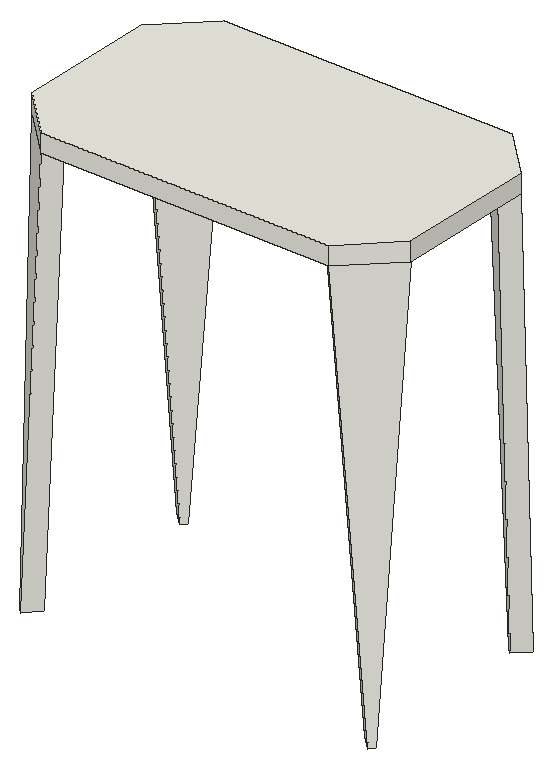
Revit family
Parameters
  Width = 1' - 3 3/4"
  URL = "http://elanbydecca.com/"
  Base [instance] = Furniture - DECCA (Elan) - Rottet - Base
  Product URL = "http://elanbydecca.com/PDFs/elan_tearsheet-rottet.pdf"
  Model = "LR ST100"
  Manufacturer = "Decca Contract"
  Height = 1' - 6 1/2"
  Description = "Rottet Nesting Table"
  Depth = 0' - 9 1/2"
  Assembly Description = "Furniture & Accessories"
  Assembly Code = "E2020200"
Reference planes (in)
  plane 1 "Center Front/Back": y = -0.7524
  plane 2: z = 0
  plane 3 "Center Left/Right": x = 0
  plane 4 "L": x = -7.875
  plane 5 "R": x = 7.875
  plane 6 "F": y = -5.5024
  plane 7: y = 3.9976
  plane 8: through (-6.25338, 2.33237, 23.38953) normal (0.4297, -0.4297, 0.7941)
  plane 9: z = 18.5
  plane 10: z = 17.75
Forms (in)
  Extrusion 1, solid, material "Furniture - DECCA (Elan) - Rottet - Base" <- "Base"
    sketch origin (0, 0, 21.3125) x (-1, 0, 0) y (0, -1, 0)
      loop
        line (6, -3.9976) -> (7.875, -2.1226) -> (7.875, 3.6274) -> (6, 5.5024) -> (-6, 5.5024) -> (-7.875, 3.6274) -> (-7.875, -2.1226) -> (-6, -3.9976) -> (6, -3.9976)
    from -3.5625 to -2.8125
  Blend 2, solid, material "Furniture - DECCA (Elan) - Rottet - Base" <- "Base"
    base sketch origin (-1.03198, -1.03198, 21.3125) x (-1, 0, 0) y (0, -1, 0)
      loop
        line (6.34352, 3.79414) -> (6.16674, 3.97092) -> (5.63641, 3.44059) -> (5.81319, 3.26381) -> (6.34352, 3.79414)
    top sketch origin (-1.03198, -1.03198, 21.3125) x (-1, 0, 0) y (0, -1, 0)
      loop
        line (6.84302, 2.59542) -> (4.96802, 4.47042) -> (4.43769, 3.94009) -> (6.31269, 2.06509) -> (6.84302, 2.59542)
    from -21.3125 to -3.5625
  Blend 3, solid, material "Furniture - DECCA (Elan) - Rottet - Base" <- "Base"
    base sketch origin (1.03198, -1.03198, 21.3125) x (1, 0, 0) y (0, 1, 0)
      loop
        line (6.34352, -3.79414) -> (5.81319, -3.26381) -> (5.63641, -3.44059) -> (6.16674, -3.97092) -> (6.34352, -3.79414)
    top sketch origin (1.03198, -1.03198, 21.3125) x (1, 0, 0) y (0, 1, 0)
      loop
        line (6.84302, -2.59542) -> (6.31269, -2.06509) -> (4.43769, -3.94009) -> (4.96802, -4.47042) -> (6.84302, -2.59542)
    from -21.3125 to -3.5625
  Blend 4, solid, material "Furniture - DECCA (Elan) - Rottet - Base" <- "Base"
    base sketch origin (1.03198, -0.47282, 21.3125) x (1, 0, 0) y (0, 1, 0)
      loop
        line (6.34352, 3.79414) -> (6.16674, 3.97092) -> (5.63641, 3.44059) -> (5.81319, 3.26381) -> (6.34352, 3.79414)
    top sketch origin (1.03198, -0.47282, 21.3125) x (1, 0, 0) y (0, 1, 0)
      loop
        line (6.84302, 2.59542) -> (4.96802, 4.47042) -> (4.43769, 3.94009) -> (6.31269, 2.06509) -> (6.84302, 2.59542)
    from -21.3125 to -3.5625
  Blend 5, solid, material "Furniture - DECCA (Elan) - Rottet - Base" <- "Base"
    base sketch origin (-1.03198, -0.47282, 21.3125) x (-1, 0, 0) y (0, -1, 0)
      loop
        line (6.34352, -3.79414) -> (5.81319, -3.26381) -> (5.63641, -3.44059) -> (6.16674, -3.97092) -> (6.34352, -3.79414)
    top sketch origin (-1.03198, -0.47282, 21.3125) x (-1, 0, 0) y (0, -1, 0)
      loop
        line (6.84302, -2.59542) -> (6.31269, -2.06509) -> (4.43769, -3.94009) -> (4.96802, -4.47042) -> (6.84302, -2.59542)
    from -21.3125 to -3.5625
Cuts and joins
  joined: Extrusion 1, Blend 2
Dimensions and locks (in)
  equal spacing: plane 4 "L", plane 3 "Center Left/Right", plane 5 "R"
  equal spacing: plane 7, plane 1 "Center Front/Back", plane 6 "F"
  "Width": plane 4 "L" to plane 5 "R"
  "Depth": plane 7 to plane 6 "F"
  "Height": plane 9 to level
  locked: plane 9 to plane 10 at 0.75
  aligned and locked: Extrusion 1 to plane 10
  aligned and locked: plane 9 to Extrusion 1
  aligned and locked: plane 10 to Blend 2
  aligned and locked: Extrusion 1 sketch curve to plane 4 "L"
  aligned and locked: Extrusion 1 sketch curve to plane 7
  aligned and locked: Extrusion 1 sketch curve to plane 6 "F"
  aligned and locked: plane 5 "R" to Extrusion 1 sketch curve
Automatic sketch dimensions
  plane 5 "R" to Extrusion 1 sketch curve = 0' - 1 7/8"  (x2)
  plane 4 "L" to Extrusion 1 sketch curve = 0' - 1 7/8"  (x2)
  Extrusion 1 sketch curve to plane 7 = 0' - 1 7/8"  (x2)
  plane 6 "F" to Extrusion 1 sketch curve = 0' - 1 7/8"  (x2)
  plane 4 "L" to Blend 2 sketch curve = 0' - 1.20661"
  Blend 2 sketch curve to Blend 2 sketch curve = 0' - 0.17678"  (x2)
  plane 4 "L" to Blend 2 sketch curve = 0' - 0.67628"
  plane 6 "F" to Blend 2 sketch curve = 0' - 1.20661"
  Blend 2 sketch curve to plane 6 "F" = 0' - 0"
  Blend 2 sketch curve to plane 4 "L" = 0' - 0"
  plane 4 "L" to Blend 2 sketch curve = 0' - 0.53033"
  plane 4 "L" to Blend 2 sketch curve = 0' - 1 7/8"
  Blend 2 sketch curve to Blend 2 sketch curve = 0' - 0.53033"
  plane 5 "R" to Blend 3 sketch curve = 0' - 1.20661"
  Blend 3 sketch curve to Blend 3 sketch curve = 0' - 0.17678"  (x2)
  plane 5 "R" to Blend 3 sketch curve = 0' - 0.67628"
  plane 6 "F" to Blend 3 sketch curve = 0' - 0.4995"
  Blend 3 sketch curve to plane 6 "F" = 0' - 0"
  Blend 3 sketch curve to plane 5 "R" = 0' - 0"
  plane 5 "R" to Blend 3 sketch curve = 0' - 0.53033"
  plane 5 "R" to Blend 3 sketch curve = 0' - 1 7/8"
  Blend 3 sketch curve to Blend 3 sketch curve = 0' - 0.53033"
  plane 5 "R" to Blend 4 sketch curve = 0' - 1.20661"
  Blend 4 sketch curve to Blend 4 sketch curve = 0' - 0.17678"  (x2)
  plane 5 "R" to Blend 4 sketch curve = 0' - 0.67628"
  Blend 4 sketch curve to plane 7 = 0' - 1.20661"
  Blend 4 sketch curve to plane 7 = 0' - 0"
  Blend 4 sketch curve to plane 5 "R" = 0' - 0"
  plane 5 "R" to Blend 4 sketch curve = 0' - 0.53033"
  plane 5 "R" to Blend 4 sketch curve = 0' - 1 7/8"
  Blend 4 sketch curve to Blend 4 sketch curve = 0' - 0.53033"
  plane 4 "L" to Blend 5 sketch curve = 0' - 1.20661"
  Blend 5 sketch curve to Blend 5 sketch curve = 0' - 0.17678"  (x2)
  plane 4 "L" to Blend 5 sketch curve = 0' - 0.67628"
  Blend 5 sketch curve to plane 7 = 0' - 0.4995"
  Blend 5 sketch curve to plane 7 = 0' - 0"
  Blend 5 sketch curve to plane 4 "L" = 0' - 0"
  plane 4 "L" to Blend 5 sketch curve = 0' - 0.53033"
  plane 4 "L" to Blend 5 sketch curve = 0' - 1 7/8"
  Blend 5 sketch curve to Blend 5 sketch curve = 0' - 0.53033"
